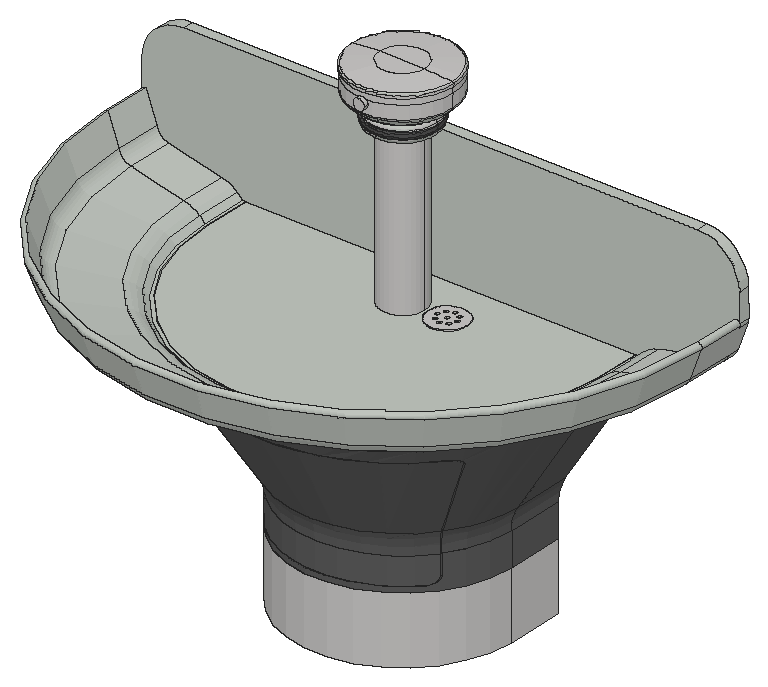
Revit family "Washfountain_Lavatory-Bradley_Corp-TDB3104-Type_H_Drain", category Plumbing Fixtures, Revit 2012 (continued)
Automatic sketch dimensions
  Masking region 20 sketch curve to Masking region 20 sketch curve = 1.37314"
  Masking region 20 sketch curve to Masking region 20 sketch curve = 0.27053"
  Masking region 20 sketch curve to Masking region 20 sketch curve = 0.9992"
  Masking region 20 sketch curve to Masking region 20 sketch curve = 0.05503"
  Masking region 10 sketch curve to curve 76 = 0.000"
  curve 76 to Masking region 10 sketch curve = 0.06766"
  curve 76 to Masking region 10 sketch curve = 0.24582"
  Masking region 10 sketch curve to Masking region 10 sketch curve = 4.00418"
  Masking region 10 sketch curve to Masking region 10 sketch curve = 1.93551"
  Masking region 10 sketch curve to Masking region 10 sketch curve = 2.26828"
  Masking region 10 sketch curve to Masking region 10 sketch curve = 1.96371"
  Masking region 10 sketch curve to Masking region 10 sketch curve = 0.06777"
  Masking region 10 sketch curve to Masking region 10 sketch curve = 0.05262"
  Masking region 10 sketch curve to Masking region 10 sketch curve = 0.05237"
  Masking region 10 sketch curve to Masking region 10 sketch curve = 0.04824"
  curve 76 to Masking region 10 sketch curve = 0.37547"
  Masking region 10 sketch curve to Masking region 10 sketch curve = 0.1256"
  Masking region 10 sketch curve to curve 76 = 6.000"
  Masking region 10 sketch curve to Masking region 10 sketch curve = 1.14812"
  Masking region 10 sketch curve to Masking region 10 sketch curve = 0.60673"
  Masking region 10 sketch curve to Masking region 10 sketch curve = 1.250"  (x3)
  Masking region 10 sketch curve to Masking region 10 sketch curve = 0.62453"
  Revolve 21 sketch curve to curve 93 = 0.000"
  curve 93 to Revolve 21 sketch curve = 2.34747"
  curve 93 to Revolve 21 sketch curve = 17.3806"
  Revolve 21 sketch curve to Revolve 21 sketch curve = 0.8244"
  curve 93 to Revolve 21 sketch curve = 4.14039"
  Revolve 21 sketch curve to Revolve 21 sketch curve = 0.6261"
  curve 93 to Revolve 21 sketch curve = 3.69531"
  Revolve 21 sketch curve to Revolve 21 sketch curve = 0.44508"
  Revolve 21 sketch curve to Revolve 21 sketch curve = 0.46258"
  Revolve 21 sketch curve to Revolve 21 sketch curve = 2.66242"
  Revolve 21 sketch curve to Revolve 21 sketch curve = 0.000"  (x2)
  Revolve 21 sketch curve to Revolve 21 sketch curve = 0.05225"
  Revolve 21 sketch curve to Revolve 21 sketch curve = 0.49985"
  Revolve 21 sketch curve to Revolve 21 sketch curve = 0.64475"
  curve 93 to Revolve 22 sketch curve = 0.33431"
  curve 93 to Revolve 22 sketch curve = 17.3806"
  Revolve 22 sketch curve to Revolve 22 sketch curve = 0.0755"
  curve 93 to Revolve 22 sketch curve = 0.19977"
  Revolve 22 sketch curve to Revolve 22 sketch curve = 0.12394"
  curve 93 to Revolve 22 sketch curve = 2.4951"
  Revolve 22 sketch curve to Revolve 22 sketch curve = 0.07322"  (x2)
  Revolve 22 sketch curve to Revolve 22 sketch curve = 0.17678"  (x2)
  Revolve 22 sketch curve to Revolve 22 sketch curve = 0.60355"
  Revolve 22 sketch curve to Revolve 22 sketch curve = 0.52145"
  Revolve 22 sketch curve to Revolve 22 sketch curve = 0.090"  (x2)
  Revolve 22 sketch curve to Revolve 22 sketch curve = 0.00375"  (x2)
  Revolve 22 sketch curve to Revolve 22 sketch curve = 0.345"  (x2)
  Revolve 22 sketch curve to curve 93 = 0.00105"
  Revolve 22 sketch curve to Revolve 22 sketch curve = 2.44356"
  Revolve 22 sketch curve to Revolve 22 sketch curve = 2.008"
  Revolve 22 sketch curve to Revolve 22 sketch curve = 0.000"  (x2)
  Revolve 22 sketch curve to Revolve 22 sketch curve = 0.59145"
  Revolve 22 sketch curve to Revolve 22 sketch curve = 0.11758"
  Revolve 22 sketch curve to Revolve 22 sketch curve = 0.3125"
  Revolve 22 sketch curve to Revolve 22 sketch curve = 0.10008"
  Revolve 22 sketch curve to Revolve 22 sketch curve = 0.780"
  Revolve 22 sketch curve to Revolve 22 sketch curve = 0.23564"
  Revolve 22 sketch curve to Revolve 22 sketch curve = 1.250"
  curve 78 to Extrusion 24 sketch curve = 17.88289"
  Extrusion 24 sketch curve to Extrusion 24 sketch curve = 0.30809"  (x2)
  Extrusion 24 sketch curve to Extrusion 24 sketch curve = 11.61805"
  Masking region 12 sketch curve to curve 76 = 0.000"
  curve 76 to Masking region 12 sketch curve = 0.06766"
  curve 76 to Masking region 12 sketch curve = 0.24582"
  Masking region 12 sketch curve to Masking region 12 sketch curve = 4.00418"
  Masking region 12 sketch curve to Masking region 12 sketch curve = 3.89922"
  Masking region 12 sketch curve to Masking region 12 sketch curve = 0.36971"
  curve 76 to Masking region 12 sketch curve = 6.000"
  Masking region 12 sketch curve to curve 76 = 6.000"
  Masking region 12 sketch curve to curve 76 = 7.836"
  Revolve 26 sketch curve to plane 3 "Center (Left/Right)" = 0.000"  (x2)
  Revolve 26 sketch curve to plane 3 "Center (Left/Right)" = 5.80902"
  Revolve 26 sketch curve to Revolve 26 sketch curve = 0.30809"
  plane 8 "Sensor Module" to Revolve 26 sketch curve = 1.125"
  plane 7 "Soap Dispenser" to Revolve 26 sketch curve = 2.000"
  Masking region 13 sketch curve to curve 78 = 0.000"
  curve 78 to Masking region 13 sketch curve = 17.82127"
  Masking region 13 sketch curve to Masking region 13 sketch curve = 0.36971"  (x2)
  Masking region 13 sketch curve to Masking region 13 sketch curve = 3.80902"  (x2)
  Masking region 13 sketch curve to Masking region 13 sketch curve = 4.000"
  Masking region 13 sketch curve to Masking region 13 sketch curve = 1.836"
  curve 78 to Masking region 14 sketch curve = 0.0051"
  curve 78 to Masking region 14 sketch curve = 1.000"
  Masking region 14 sketch curve to Masking region 14 sketch curve = 0.12469"
  Masking region 14 sketch curve to Masking region 14 sketch curve = 0.04799"  (x2)
  Masking region 14 sketch curve to Masking region 14 sketch curve = 0.05262"  (x4)
  Masking region 14 sketch curve to Masking region 14 sketch curve = 0.06777"  (x2)
  Masking region 14 sketch curve to Masking region 14 sketch curve = 1.97625"
  Masking region 14 sketch curve to Masking region 14 sketch curve = 1.96945"
  Masking region 14 sketch curve to Masking region 14 sketch curve = 1.83957"
  Masking region 14 sketch curve to Masking region 14 sketch curve = 4.000"
  Masking region 14 sketch curve to Masking region 14 sketch curve = 1.85542"
  Masking region 14 sketch curve to Masking region 14 sketch curve = 2.18569"
  Masking region 14 sketch curve to Masking region 14 sketch curve = 1.9536"
  Masking region 14 sketch curve to Masking region 14 sketch curve = 0.1256"
  Masking region 14 sketch curve to Masking region 14 sketch curve = 0.64327"
  curve 78 to Masking region 14 sketch curve = 1.64327"
  Masking region 14 sketch curve to Masking region 14 sketch curve = 1.250"  (x6)
  Masking region 14 sketch curve to Masking region 14 sketch curve = 0.60673"  (x2)
  Masking region 14 sketch curve to Masking region 14 sketch curve = 0.69646"
  Masking region 14 sketch curve to Masking region 14 sketch curve = 1.19222"
  Masking region 14 sketch curve to Masking region 14 sketch curve = 1.13954"
  Masking region 14 sketch curve to Masking region 14 sketch curve = 0.64012"
  curve 78 to curve 86 = 0.375"
  curve 78 to curve 86 = 17.84438"
  curve 86 to curve 87 = 0.1256"
  curve 87 to curve 88 = 0.04799"
  curve 88 to curve 89 = 0.05262"
  curve 89 to curve 90 = 0.05262"
  curve 90 to curve 91 = 0.06777"
  curve 91 to curve 92 = 3.80902"
  curve 92 to curve 92 = 4.000"
  curve 92 to curve 91 = 3.82464"
  curve 91 to curve 90 = 0.05216"
  curve 90 to curve 89 = 0.05262"
  curve 89 to curve 88 = 0.05262"
  curve 88 to curve 87 = 0.04799"
  curve 87 to curve 86 = 0.1256"
  curve 87 to curve 86 = 0.625"
  curve 88 to curve 87 = 0.64327"
  curve 89 to curve 88 = 1.250"
  curve 90 to curve 89 = 1.250"
  curve 91 to curve 90 = 1.250"
  curve 92 to curve 91 = 0.60673"
  curve 117 to curve 123 = 6.03209"
  curve 117 to curve 123 = 0.1374"
  curve 122 to curve 120 = 1.91103"
  curve 118 to plane 11 "Pedestal Height" = 4.11066"
  curve 120 to curve 121 = 3.37372"
  curve 121 to curve 118 = 0.4143"
  curve 123 to curve 118 = 0.32395"
  curve 122 to curve 118 = 8.23389"
  curve 121 to curve 122 = 1.64456"
  curve 121 to curve 121 = 0.15272"
  curve 75 to curve 126 = 14.06648"
  curve 38 to curve 37 = 0.48269"
  curve 28 to curve 32 = 2.97915"
  curve 32 to curve 32 = 3.28041"
  plane 3 "Center (Left/Right)" to curve 36 = 7.33372"
  curve 128 to curve 87 = 0.08709"
  curve 87 to curve 129 = 0.08709"
  Extrusion 18 sketch curve to Extrusion 18 sketch curve = 2.250"
  curve 26 to Extrusion 18 = 0.000"  (x3)
  curve 130 to Extrusion 18 = 2.60156"
  curve 130 to curve 130 = 1.000"
  Extrusion 18 to curve 130 = 1.95703"
  curve 27 to Extrusion 19 = 0.000"  (x3)
  curve 131 to Extrusion 19 = 2.60156"
  curve 131 to curve 131 = 1.000"
  Extrusion 19 to curve 131 = 1.95703"
  curve 115 to curve 125 = 0.750"
  curve 115 to curve 116 = 13.81241"
  curve 115 to curve 116 = 13.97075"
  curve 116 to curve 125 = 7.08673"
  curve 115 to curve 116 = 13.19587"
  curve 116 to curve 116 = 0.80228"
  curve 132 to curve 116 = 3.000"
  Extrusion 27 sketch curve to plane 3 "Center (Left/Right)" = 0.000"
  plane 1 "Center (Front/Back)" to Extrusion 27 sketch curve = 5.250"
  Masking region 21 sketch curve to plane 1 "Center (Front/Back)" = 0.000"
  Masking region 21 sketch curve to plane 3 "Center (Left/Right)" = 0.000"
  Masking region 21 sketch curve to plane 5 "Right" = 0.0193"
  Masking region 21 sketch curve to Masking region 21 sketch curve = 5.250"
  Masking region 22 sketch curve to plane 3 "Center (Left/Right)" = 0.000"
  plane 1 "Center (Front/Back)" to Masking region 22 sketch curve = 0.6745"
  Masking region 22 sketch curve to Masking region 22 sketch curve = 4.5755"
  Masking region 23 sketch curve to plane 3 "Center (Left/Right)" = 3.52868"
  Masking region 23 sketch curve to plane 3 "Center (Left/Right)" = 9.02868"
  Masking region 23 sketch curve to plane 3 "Center (Left/Right)" = 0.06458"
  Masking region 23 sketch curve to Masking region 23 sketch curve = 2.000"  (x3)
  plane 3 "Center (Left/Right)" to Masking region 23 sketch curve = 0.06458"
  plane 3 "Center (Left/Right)" to Masking region 23 sketch curve = 3.52868"
  plane 1 "Center (Front/Back)" to Masking region 23 sketch curve = 2.11186"  (x2)
  Masking region 23 sketch curve to Masking region 23 sketch curve = 3.4641"
  Masking region 23 sketch curve to Masking region 23 sketch curve = 3.57574"
  Masking region 23 sketch curve to Masking region 23 sketch curve = 0.11164"  (x2)
  Masking region 23 sketch curve to plane 3 "Center (Left/Right)" = 0.000"
  plane 1 "Center (Front/Back)" to Masking region 23 sketch curve = 5.250"
  plane 1 "Center (Front/Back)" to Masking region 23 sketch curve = 2.04741"
  curve 151 to plane 3 "Center (Left/Right)" = 1.58013"
  plane 1 "Center (Front/Back)" to curve 151 = 2.98686"
  curve 151 to plane 3 "Center (Left/Right)" = 7.08013"
  curve 151 to curve 151 = 9.52628"
  curve 152 to plane 3 "Center (Left/Right)" = 0.06458"
  plane 1 "Center (Front/Back)" to curve 152 = 2.11186"
  curve 152 to curve 151 = 1.51554"
  curve 152 to curve 151 = 0.875"
  plane 3 "Center (Left/Right)" to curve 153 = 0.06458"
  plane 1 "Center (Front/Back)" to curve 153 = 2.11186"
  plane 3 "Center (Left/Right)" to curve 153 = 5.56458"
  curve 153 to curve 152 = 0.000"
  plane 1 "Center (Front/Back)" to curve 154 = 2.98686"
  curve 154 to curve 153 = 1.51554"
  plane 3 "Center (Left/Right)" to curve 154 = 1.58013"
  curve 153 to curve 154 = 0.875"
  Masking region 24 sketch curve to plane 3 "Center (Left/Right)" = 6.17873"
  plane 1 "Center (Front/Back)" to Masking region 24 sketch curve = 3.06766"
  Masking region 24 sketch curve to plane 3 "Center (Left/Right)" = 0.000"
  Masking region 24 sketch curve to Masking region 24 sketch curve = 2.27254"
  plane 1 "Center (Front/Back)" to curve 155 = 3.06766"
  curve 155 to curve 155 = 2.27254"
  curve 156 to plane 3 "Center (Left/Right)" = 0.000"
  curve 156 to curve 156 = 4.17808"
  curve 157 to curve 156 = 2.27254"
  Masking region 15 sketch curve to curve 93 = 0.000"
  curve 93 to Masking region 15 sketch curve = 17.3806"
  Masking region 15 sketch curve to Masking region 15 sketch curve = 0.8244"  (x3)
  curve 93 to Masking region 15 sketch curve = 4.64024"
  Masking region 15 sketch curve to Masking region 15 sketch curve = 0.6261"  (x2)
  curve 93 to Masking region 15 sketch curve = 3.69531"  (x2)
  Masking region 15 sketch curve to Masking region 15 sketch curve = 0.44508"  (x2)
  Masking region 15 sketch curve to Masking region 15 sketch curve = 0.46258"
  curve 93 to Masking region 15 sketch curve = 5.10281"
  Masking region 15 sketch curve to Masking region 15 sketch curve = 0.67992"  (x2)
  Masking region 15 sketch curve to Masking region 15 sketch curve = 4.000"
  Masking region 15 sketch curve to Masking region 15 sketch curve = 0.66242"
  curve 93 to Masking region 15 sketch curve = 4.14039"
  curve 93 to Masking region 15 sketch curve = 2.34747"
  Masking region 15 sketch curve to Masking region 15 sketch curve = 0.49985"  (x2)
  Masking region 15 sketch curve to Masking region 15 sketch curve = 0.96851"
  Masking region 15 sketch curve to Masking region 15 sketch curve = 0.52344"
  curve 93 to Masking region 25 sketch curve = 19.9561"
  Masking region 25 sketch curve to Masking region 25 sketch curve = 4.000"
  curve 93 to Masking region 25 sketch curve = 13.414"
  Masking region 25 sketch curve to Masking region 25 sketch curve = 8.31119"
  Masking region 26 sketch curve to plane 9 "Spray Head" = 1.40781"
  plane 1 "Center (Front/Back)" to Masking region 26 sketch curve = 7.250"
  plane 1 "Center (Front/Back)" to Masking region 26 sketch curve = 3.250"
  Masking region 26 sketch curve to Masking region 26 sketch curve = 8.31119"
  curve 78 to Extrusion 23 sketch curve = 0.375"  (x2)
  curve 78 to Extrusion 23 sketch curve = 17.84438"
  Extrusion 23 sketch curve to Extrusion 23 sketch curve = 0.1256"  (x2)
  Extrusion 23 sketch curve to Extrusion 23 sketch curve = 0.04799"  (x2)
  Extrusion 23 sketch curve to Extrusion 23 sketch curve = 0.05262"  (x4)
  Extrusion 23 sketch curve to Extrusion 23 sketch curve = 0.06777"  (x2)
  Extrusion 23 sketch curve to curve 78 = 0.000"
  Extrusion 23 sketch curve to Extrusion 23 sketch curve = 1.97754"
  Extrusion 23 sketch curve to Extrusion 23 sketch curve = 2.0248"  (x2)
  Extrusion 23 sketch curve to Extrusion 23 sketch curve = 7.56845"
  Extrusion 23 sketch curve to Extrusion 23 sketch curve = 0.39386"
  Extrusion 23 sketch curve to Extrusion 23 sketch curve = 0.60673"  (x2)
  Extrusion 23 sketch curve to Extrusion 23 sketch curve = 1.250"  (x6)
  Extrusion 23 sketch curve to Extrusion 23 sketch curve = 0.625"
  Extrusion 23 sketch curve to Extrusion 23 sketch curve = 0.64327"
  curve 163 to plane 13 = 0.000"
  curve 78 to plane 1 "Center (Front/Back)" = 0.000"
  curve 78 to plane 4 "Left" = 0.000"
  curve 163 to plane 4 "Left" = 0.000"
  plane 4 "Left" to curve 78 = 3.000"
  curve 163 to curve 163 = 5.000"
  curve 76 to curve 163 = 2.3402"
  Revolve 25 sketch curve to curve 163 = 0.000"
  curve 163 to Revolve 25 sketch curve = 15.84438"
  Revolve 25 sketch curve to Revolve 25 sketch curve = 0.1256"
  Revolve 25 sketch curve to Revolve 25 sketch curve = 0.04799"
  Revolve 25 sketch curve to Revolve 25 sketch curve = 0.05262"  (x2)
  Revolve 25 sketch curve to Revolve 25 sketch curve = 0.06777"
  Revolve 25 sketch curve to Revolve 25 sketch curve = 1.97754"
  Revolve 25 sketch curve to Revolve 25 sketch curve = 2.0248"
  Revolve 25 sketch curve to Revolve 25 sketch curve = 4.17808"
  Revolve 25 sketch curve to Revolve 25 sketch curve = 0.000"
  Revolve 25 sketch curve to Revolve 25 sketch curve = 4.31808"
  Revolve 25 sketch curve to Revolve 25 sketch curve = 0.60673"
  Revolve 25 sketch curve to Revolve 25 sketch curve = 1.250"  (x2)
  Revolve 25 sketch curve to Revolve 25 sketch curve = 0.64327"
  Revolve 25 sketch curve to curve 163 = 3.000"
  curve 123 to curve 123 = 0.88737"
  curve 121 to curve 119 = 0.80829"
  curve 76 to curve 79 = 0.06766"
  curve 76 to curve 84 = 0.06766"
  curve 76 to curve 80 = 0.06766"
  curve 76 to curve 83 = 0.06766"
  curve 76 to curve 81 = 0.06766"
  curve 76 to curve 82 = 0.06766"
  curve 76 to curve 85 = 0.24582"
  curve 85 to curve 85 = 4.00418"
  curve 85 to curve 84 = 3.89922"
  curve 84 to curve 83 = 0.06777"
  curve 83 to curve 82 = 0.05262"
  curve 82 to curve 81 = 0.05237"
  curve 81 to curve 79 = 0.13532"
  curve 79 to curve 80 = 0.03851"
  curve 85 to curve 76 = 6.000"
  curve 85 to curve 84 = 0.60673"
  curve 84 to curve 83 = 1.250"
  curve 83 to curve 82 = 1.250"
  curve 82 to curve 81 = 1.250"
  curve 79 to curve 76 = 1.000"
  curve 76 to curve 80 = 0.37547"
  curve 75 to curve 126 = 13.80112"
  curve 126 to curve 126 = 6.43074"
  curve 75 to curve 126 = 11.80099"
  curve 126 to curve 126 = 0.51104"
  curve 70 to curve 74 = 0.000"
  curve 71 to curve 74 = 0.000"
  curve 74 to curve 70 = 16.43542"
  curve 70 to curve 72 = 3.56458"
  curve 72 to curve 73 = 4.000"
  curve 73 to curve 71 = 3.56458"
  curve 72 to curve 72 = 12.56207"
  curve 73 to curve 71 = 1.1875"
  curve 72 to curve 70 = 1.1875"
  curve 164 to curve 74 = 0.000"
  curve 165 to curve 74 = 0.000"
  curve 166 to curve 72 = 0.000"
  curve 72 to curve 164 = 0.000"
  curve 73 to curve 167 = 0.000"
  curve 165 to curve 73 = 0.000"
  curve 165 to curve 73 = 0.500"
  curve 70 to curve 171 = 1.06293"
  curve 169 to curve 168 = 0.500"
  curve 167 to curve 167 = 0.6875"
  curve 166 to curve 166 = 0.6875"
  Extrusion 28 sketch curve to plane 3 "Center (Left/Right)" = 5.45295"
  Extrusion 28 sketch curve to plane 3 "Center (Left/Right)" = 0.06458"
  plane 1 "Center (Front/Back)" to Extrusion 28 sketch curve = 2.11186"  (x2)
  Extrusion 28 sketch curve to Extrusion 28 sketch curve = 0.11164"  (x2)
  plane 3 "Center (Left/Right)" to Extrusion 28 sketch curve = 0.06458"
  plane 1 "Center (Front/Back)" to Extrusion 28 sketch curve = 2.04741"
  Extrusion 28 sketch curve to plane 3 "Center (Left/Right)" = 0.000"
  Extrusion 28 sketch curve to plane 13 = 0.0902"
  Extrusion 28 sketch curve to Extrusion 28 sketch curve = 2.000"
  Masking region 6 sketch curve to curve 23 = 0.000"  (x2)
  curve 23 to Masking region 6 sketch curve = 1.375"  (x2)
  Masking region 6 sketch curve to curve 23 = 27.16612"
  Masking region 6 sketch curve to Masking region 6 sketch curve = 1.94856"  (x2)
  Masking region 6 sketch curve to Masking region 6 sketch curve = 3.4641"
  Masking region 6 sketch curve to Masking region 6 sketch curve = 3.56458"  (x2)
  Masking region 6 sketch curve to Masking region 6 sketch curve = 4.000"  (x2)
  Masking region 6 sketch curve to curve 23 = 14.625"
  Masking region 6 sketch curve to Masking region 6 sketch curve = 13.250"
  Masking region 6 sketch curve to Masking region 6 sketch curve = 0.6875"
  Masking region 6 sketch curve to Masking region 6 sketch curve = 0.000"
  Masking region 6 sketch curve to Masking region 6 sketch curve = 1.000"
  Masking region 6 sketch curve to Masking region 6 sketch curve = 5.08013"  (x2)
  Masking region 6 sketch curve to curve 23 = 4.396"
  Masking region 11 sketch curve to curve 77 = 0.000"  (x2)
  curve 77 to Masking region 11 sketch curve = 2.11186"
  Masking region 11 sketch curve to curve 77 = 1.750"
  curve 77 to Masking region 11 sketch curve = 2.250"  (x2)
  Masking region 11 sketch curve to Masking region 11 sketch curve = 5.26314"
  Masking region 11 sketch curve to curve 77 = 1.375"
  Masking region 11 sketch curve to Masking region 11 sketch curve = 1.125"
  Masking region 11 sketch curve to curve 77 = 4.396"
  curve 77 to Masking region 11 sketch curve = 14.625"
  Masking region 11 sketch curve to Masking region 11 sketch curve = 0.6875"
  curve 77 to Masking region 11 sketch curve = 15.3125"
  Masking region 11 sketch curve to Masking region 11 sketch curve = 1.13814"
  Masking region 11 sketch curve to Masking region 11 sketch curve = 1.000"
  Masking region 11 sketch curve to Masking region 11 sketch curve = 2.000"
  curve 55 to curve 41 = 0.000"
  curve 42 to curve 41 = 1.375"
  curve 41 to curve 42 = 15.10875"
  curve 45 to curve 68 = 0.000"
  curve 42 to curve 64 = 0.97689"
  curve 65 to curve 64 = 0.000"  (x2)
  curve 42 to curve 56 = 1.19195"
  curve 56 to curve 57 = 0.55422"
  curve 58 to curve 41 = 0.28075"
  curve 57 to curve 58 = 0.55422"
  curve 58 to curve 57 = 0.10867"
  curve 45 to curve 68 = 2.750"
  curve 59 to curve 68 = 0.41612"
  curve 59 to curve 59 = 0.10867"
  curve 59 to curve 59 = 0.55422"  (x2)
  curve 58 to curve 55 = 0.72769"
  curve 44 to curve 54 = 1.52868"
  curve 55 to curve 43 = 0.41987"
  curve 54 to curve 46 = 1.93542"
  curve 47 to curve 48 = 0.12917"
  curve 48 to curve 51 = 1.51554"
  curve 51 to curve 55 = 0.41987"
  curve 48 to curve 54 = 1.93542"
  curve 55 to curve 61 = 0.6198"
  curve 61 to curve 61 = 0.10868"
  curve 61 to curve 61 = 0.55428"
  curve 54 to curve 49 = 1.52868"
  curve 69 to curve 60 = 0.30835"
  curve 69 to curve 67 = 0.97815"
  curve 66 to curve 67 = 0.000"  (x2)
  curve 49 to curve 69 = 2.750"
  curve 63 to curve 41 = 0.28109"
  curve 69 to curve 63 = 0.45004"
  curve 63 to curve 63 = 0.55428"  (x2)
  curve 63 to curve 63 = 0.10868"
  curve 69 to curve 53 = 2.750"
  curve 58 to curve 57 = 0.04026"
  curve 61 to curve 61 = 0.04027"
  curve 62 to curve 69 = 1.09391"
  curve 69 to curve 67 = 2.59985"
  curve 42 to curve 64 = 2.60219"
  curve 66 to curve 66 = 2.000"
  curve 67 to curve 66 = 0.000"
  curve 64 to curve 65 = 2.000"
  curve 64 to curve 65 = 0.000"
  curve 66 to curve 69 = 6.90015"
  curve 64 to curve 68 = 7.14781"
  curve 69 to curve 49 = 1.750"
  curve 68 to curve 45 = 1.500"
  curve 49 to curve 49 = 0.6875"
  curve 136 to curve 77 = 0.000"
  curve 77 to curve 133 = 2.11186"
  curve 136 to curve 77 = 2.01314"
  curve 133 to curve 144 = 1.13814"
  curve 134 to curve 77 = 0.88814"
  curve 141 to curve 77 = 0.8822"
  curve 141 to curve 142 = 0.39728"
  curve 141 to curve 77 = 0.16493"
  curve 77 to curve 140 = 0.15505"
  curve 77 to curve 139 = 0.8067"
  curve 77 to curve 144 = 2.250"
  curve 144 to curve 138 = 1.625"
  curve 142 to curve 77 = 0.28075"
  curve 142 to curve 138 = 2.19381"
  curve 143 to curve 143 = 0.31998"  (x2)
  curve 143 to curve 143 = 0.39728"
  curve 138 to curve 134 = 4.76314"
  curve 141 to curve 141 = 0.17192"
  curve 143 to curve 137 = 0.48399"
  curve 77 to curve 139 = 3.97656"
  curve 77 to curve 139 = 4.97656"
  curve 77 to curve 138 = 12.875"
  curve 138 to curve 134 = 1.750"
  curve 133 to curve 144 = 0.6875"
  curve 133 to curve 144 = 0.000"
  Extrusion 29 sketch curve to plane 3 "Center (Left/Right)" = 0.000"
  curve 127 to plane 10 "Rim Height" = 0.000"
  curve 146 to plane 3 "Center (Left/Right)" = 0.000"
  curve 161 to plane 3 "Center (Left/Right)" = 0.000"
  plane 11 "Pedestal Height" to curve 146 = 1.2109"  (x2)
  curve 146 to plane 5 "Right" = 7.26529"
  curve 161 to curve 146 = 0.15796"
  curve 127 to plane 5 "Right" = 0.19211"
  plane 4 "Left" to curve 127 = 0.19211"
  curve 146 to curve 162 = 2.89551"
  curve 161 to curve 146 = 142.79964"
  curve 124 to plane 1 "Center (Front/Back)" = 0.000"
  curve 145 to plane 6 "Towel Dispenser" = 0.000"
  curve 145 to plane 13 = 2.0902"
  plane 13 to curve 145 = 1.9098"
  curve 111 to plane 9 "Spray Head" = 0.44508"
  plane 13 to curve 111 = 2.9448"
  curve 111 to curve 111 = 0.090"
  plane 13 to curve 124 = 9.6598"
  level to curve 124 = 6.020"
  curve 117 to plane 12 = 10.9722"
  curve 122 to curve 123 = 1.80577"
  plane 13 to Masking region 9 sketch curve = 9.6598"
  Masking region 9 sketch curve to plane 12 = 10.10815"
  plane 7 "Soap Dispenser" to curve 161 = 99.72413"
  Extrusion 8 sketch curve to plane 3 "Center (Left/Right)" = 0.000"
  Extrusion 8 sketch curve to plane 13 = 0.0902"
  plane 4 "Left" to Extrusion 8 sketch curve = 9.50758"
  Extrusion 8 sketch curve to plane 13 = 0.09385"
  plane 3 "Center (Left/Right)" to Extrusion 8 sketch curve = 4.000"
  plane 1 "Center (Front/Back)" to Extrusion 8 sketch curve = 0.99695"
  curve 148 to curve 159 = 0.000"  (x2)
  curve 172 to curve 173 = 0.000"  (x2)
  curve 172 to curve 174 = 0.000"  (x2)
  curve 148 to plane 3 "Center (Left/Right)" = 0.000"
  curve 172 to plane 13 = 0.09385"
  curve 160 to plane 13 = 0.0902"
  curve 160 to plane 5 "Right" = 10.57205"
  curve 150 to plane 5 "Right" = 0.5193"
  curve 147 to plane 5 "Right" = 0.0193"
  plane 4 "Left" to curve 147 = 0.0193"
  plane 1 "Center (Front/Back)" to curve 149 = 0.99695"
  curve 177 to plane 13 = 0.09385"
  curve 181 to plane 13 = 0.09385"
  plane 3 "Center (Left/Right)" to curve 177 = 4.87771"
  curve 177 to curve 178 = 0.25708"
  curve 177 to curve 176 = 0.25708"
  curve 176 to curve 172 = 0.62063"
  curve 176 to curve 175 = 0.62063"
  curve 178 to curve 179 = 0.62063"
  curve 179 to curve 180 = 0.62063"
  curve 175 to curve 182 = 0.62063"
  curve 182 to curve 181 = 0.25708"
  curve 175 to curve 172 = 0.87771"
  curve 176 to curve 177 = 0.62063"
  curve 182 to curve 181 = 0.62063"
  plane 13 to curve 178 = 0.52678"
  plane 13 to curve 180 = 0.52678"
  curve 180 to curve 179 = 0.25708"
  Split face 3 sketch curve to cut or joined group of Extrusion 23, Revolve 25 = 0.000"  (x3)
  Revolve 32 sketch curve to curve 163 = 0.000"
  Revolve 32 sketch curve to Revolve 32 sketch curve = 0.000"
  curve 163 to Revolve 32 sketch curve = 1.000"
  Revolve 32 sketch curve to Revolve 32 sketch curve = 6.11711"
  Revolve 32 sketch curve to Revolve 32 sketch curve = 0.06162"
  Revolve 32 sketch curve to Revolve 32 sketch curve = 1.09645"
  Revolve 32 sketch curve to curve 163 = 1.30227"
  Extrusion 33 sketch curve to curve 163 = 0.000"
  curve 163 to Extrusion 33 sketch curve = 15.82127"
  Extrusion 33 sketch curve to Extrusion 33 sketch curve = 0.06162"  (x2)
  Extrusion 33 sketch curve to Extrusion 33 sketch curve = 12.23423"
  curve 93 to Extrusion 34 sketch curve = 1.45871"
  curve 93 to Extrusion 34 sketch curve = 21.9561"
  curve 93 to Extrusion 35 sketch curve = 1.45871"
  curve 93 to Extrusion 35 sketch curve = 21.9561"
  curve 104 to Masking region 27 sketch curve = 0.95871"
  Masking region 27 sketch curve to curve 104 = 4.91915"
  Masking region 27 sketch curve to Masking region 27 sketch curve = 0.34365"
  Masking region 27 sketch curve to Masking region 27 sketch curve = 1.000"
  curve 104 to Masking region 28 sketch curve = 1.20871"
  Masking region 28 sketch curve to curve 104 = 4.5755"
  Masking region 28 sketch curve to Masking region 28 sketch curve = 0.0755"
  Masking region 28 sketch curve to Masking region 28 sketch curve = 0.500"
  curve 104 to plane 4 "Left" = 0.000"
  curve 93 to plane 13 = 0.0902"
  plane 4 "Left" to curve 93 = 5.0439"
  curve 183 to plane 3 "Center (Left/Right)" = 4.221"
  plane 3 "Center (Left/Right)" to curve 183 = 4.779"
  plane 1 "Center (Front/Back)" to curve 104 = 1.250"
  plane 12 to curve 183 = 12.16265"
  curve 183 to curve 184 = 1.45871"
  curve 183 to curve 184 = 4.221"
  curve 185 to plane 3 "Center (Left/Right)" = 0.000"
  curve 185 to plane 13 = 0.0902"
  plane 3 "Center (Left/Right)" to Extrusion 31 sketch curve = 1.500"
  plane 3 "Center (Left/Right)" to Extrusion 31 sketch curve = 0.500"
  Extrusion 31 sketch curve to plane 11 "Pedestal Height" = 11.500"
  Extrusion 31 sketch curve to Extrusion 31 sketch curve = 3.000"
  Extrusion 31 sketch curve to Extrusion 31 sketch curve = 2.000"
  curve 93 to curve 94 = 2.34747"
  curve 93 to curve 94 = 17.3806"
  curve 93 to curve 95 = 0.56995"
  curve 94 to curve 95 = 0.0755"
  curve 94 to curve 100 = 1.4505"
  curve 101 to curve 100 = 0.000"
  curve 100 to curve 99 = 0.090"
  curve 101 to curve 98 = 0.090"
  curve 98 to curve 97 = 1.035"
  curve 96 to curve 97 = 0.000"  (x2)
  curve 97 to curve 97 = 4.000"
  curve 97 to curve 98 = 1.035"
  curve 99 to curve 98 = 0.000"
  curve 99 to curve 103 = 0.090"
  curve 98 to curve 102 = 0.090"
  curve 96 to curve 95 = 2.500"
  curve 95 to curve 94 = 0.0755"
  curve 96 to curve 94 = 0.8244"
  curve 97 to curve 96 = 0.52344"
  curve 101 to curve 97 = 0.44508"
  curve 99 to curve 98 = 0.49985"
  radius of Extrusion 14 sketch curve to Extrusion 8 = 0.000"
  radius of Extrusion 14 sketch curve to Extrusion 8 = 1.5658"
  radius of Extrusion 14 sketch curve = 0.1842"  (x8)
  radius of curve 22 to Extrusion 14 = 0.40649"
  radius of Extrusion 15 sketch curve = 2.000"
  radius of Extrusion 17 sketch curve = 2.000"
  radius of Extrusion 27 sketch curve = 2.000"
  radius of Extrusion 8 sketch curve = 1.750"
  radius of curve 172 = 1.750"
  radius of curve 173 = 1.34351"
  radius of curve 174 = 0.1842"
  radius of curve 182 = 0.1842"
  radius of curve 175 = 0.1842"
  radius of curve 176 = 0.1842"
  radius of curve 177 = 0.1842"
  radius of curve 178 = 0.1842"
  radius of curve 179 = 0.1842"
  radius of curve 180 = 0.1842"
  radius of curve 181 = 0.1842"
  radius of Extrusion 34 sketch curve = 0.500"
  radius of Extrusion 35 sketch curve = 0.250"
  radius of curve 184 = 0.500"
  radius of curve 185 = 3.750"
Connectors (in)
  piping at (-7.625, 0, 12), driven by "Hot Lavatory Inlet Primary Radius", driven by "HWFU"
    settings: on Extrusion 31, index 1, connector radius 1/2", flow factor 0, pipe flow 0.0 GPM, pressure drop 0.0 psi, fitting loss kfactor 0, connector angle 0.00°, fixture units 0, engagement length 0.000", flow configuration 3, flow direction 1, fitting loss method 0, system type 19, joint type 0, gender type 0, connector reference index -1, connector utility 0, adjustable connector no, is connector primary yes, fitting loss table "", connector description "Hot Lavatory Inlet Primary"
  piping at (7.625, 0, 12), driven by "Cold Lavatory Inlet Primary Radius", driven by "CWFU"
    settings: on Extrusion 31, index 2, connector radius 1/2", flow factor 0, pipe flow 0.0 GPM, pressure drop 0.0 psi, fitting loss kfactor 0, connector angle 0.00°, fixture units 0, engagement length 0.000", flow configuration 3, flow direction 1, fitting loss method 0, system type 20, joint type 0, gender type 0, connector reference index -1, connector utility 0, adjustable connector no, is connector primary no, fitting loss table "", connector description "Cold Lavatory Inlet Primary"
  piping at (-4, -5.25, 0), driven by "Drain Radius", driven by "WFU"
    settings: on Extrusion 36, index 3, connector radius 1", flow factor 0, pipe flow 0.0 GPM, pressure drop 0.0 psi, fitting loss kfactor 0, connector angle 0.00°, fixture units 0, engagement length 0.000", flow configuration 3, flow direction 2, fitting loss method 0, system type 16, joint type 0, gender type 0, connector reference index -1, connector utility 0, adjustable connector no, is connector primary no, fitting loss table "", connector description "Drain"
  piping at (-7.625, -2, 0), driven by "Hot Lavatory Inlet Secondary Radius", driven by "HWFU"
    settings: on Extrusion 30, index 4, connector radius 1/2", flow factor 0, pipe flow 0.0 GPM, pressure drop 0.0 psi, fitting loss kfactor 0, connector angle 0.00°, fixture units 0, engagement length 0.000", flow configuration 3, flow direction 1, fitting loss method 0, system type 19, joint type 0, gender type 0, connector reference index -1, connector utility 0, adjustable connector no, is connector primary no, fitting loss table "", connector description "Hot Lavatory Inlet Secondary"
  piping at (7.625, -2, 0), driven by "Cold Lavatory Inlet Secondary Radius", driven by "CWFU"
    settings: on Extrusion 30, index 5, connector radius 1/2", flow factor 0, pipe flow 0.0 GPM, pressure drop 0.0 psi, fitting loss kfactor 0, connector angle 0.00°, fixture units 0, engagement length 0.000", flow configuration 3, flow direction 1, fitting loss method 0, system type 20, joint type 0, gender type 0, connector reference index -1, connector utility 0, adjustable connector no, is connector primary no, fitting loss table "", connector description "Cold Lavatory Inlet Secondary"
  piping at (0, -5.25, 43.414), driven by "Vent Radius", driven by "WFU"
    settings: on Extrusion 29, index 6, connector radius 3/4", flow factor 0, pipe flow 0.0 GPM, pressure drop 0.0 psi, fitting loss kfactor 0, connector angle 0.00°, fixture units 0, engagement length 0.000", flow configuration 3, flow direction 2, fitting loss method 0, system type 16, joint type 0, gender type 0, connector reference index -1, connector utility 0, adjustable connector yes, is connector primary no, fitting loss table "", connector description "Vent"
  electrical at (1, 0, 8), driven by "Voltage"
    settings: on Extrusion 31, index 7, voltage 110 V, apparent load 0 VA, apparent load phase1 0 VA, apparent load phase2 0 VA, apparent load phase3 0 VA, power factor 1, load classification "Other", number of poles 1, system type 31, power factor state 1, is connector primary yes, connector utility no, sub classification motor no, connector description ""
Types (3): name | Towel Dispenser Height | Supply Height | Standard Height | Spray Head Height | Soap Dispenser Height | Sensor Module Height | Rim Height | Model ID | Juvenile Height
  (no name) | 47.810" | 43.414" | no | 39.719" | 51.250" | 43.414" | 30.000" | 1 | yes
  Juvenile | 47.810" | 43.414" | no | 39.719" | 51.250" | 43.414" | 30.000" | 1 | yes
  Standard | 51.810" | 47.414" | yes | 43.719" | 55.750" | 47.414" | 34.000" | 2 | no
